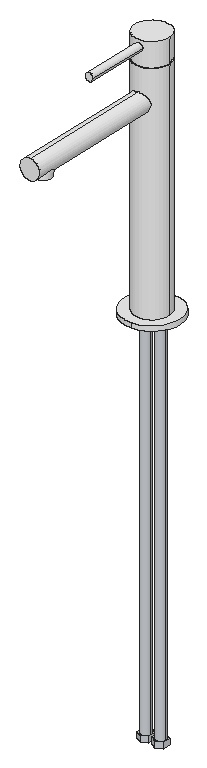
Revit family "BasinMixer-(Bowl)-Vitra-OriginSeries-A42557", category Plumbing Fixtures, host Face, Revit 2017
Family settings
  Host = Face
  Round Connector Dimension = Use Diameter
  Part Type = Normal
  OmniClass Number = 23.45.55.17
  OmniClass Title = Mixing Faucets
  Cut with Voids When Loaded = No
  Shared = Yes
  Room Calculation Point = No
Parameters (values of type "BasinMixer-Vitra-OriginSeries-Bowl(Chrome)-A42557")
  Youtube = "https://www.youtube.com/user/VitrAglobal"
  Weight Net (kg) = "2"
  Waste Connection = no
  Warranty Period (Year) = "10 Years"
  Vent Connection = no
  Uniformat II Description = "Plumbing Fixture"
  Uniformat II Code = "22 40 00"
  Uniclass 2015 Name = "Washbasin Tap"
  Uniclass 2015 Code = "Pr_40_20_87_98"
  Uniclass 2.0 Description = "Washbasin Tap"
  Uniclass 2.0 Code = "Pr_40_30_96_98"
  Uniclass 1.4 Description = "Mixer taps"
  Uniclass 1.4 Code = "L725111"
  URL = "https://vitraglobal.com/"
  UNSPSC Description = ""
  UNSPSC Code = ""
  Test Pressure = "16 bar"
  Technical description = "https://www.vitraglobal.com/pdf/A42557/"
  Tap hole Options (default) = ""
  Specification = ""
  Region South America = "All"
  Region Oceania = "All"
  Region North America = "All"
  Region Middle East = "All"
  Region Europe = "All"
  Region Asia = "All"
  Region Antarctica = "All"
  Region Africa = "All"
  Range of flow pressure = "1 - 5 bar"
  Range of Hot Water Supply = "5 - 65 °C"
  Product url = ""
  Product manual = ""
  Product group = "Origin Basin Mixer (Bowl)"
  Product family = "Origin"
  Product data url = "https://www.vitraglobal.com/taps-mixers/basin-mixers/countertop-basin-mixers/origin-tall-basin-mixer-for-bowls-sku-A42557/"
  Product certification = "https://www.vitraglobal.com/brochures/"
  Product Type = "Basin Mixer"
  Product SKU = "A42557"
  Product Properties = "Extra Water Saving, Green Building Certification, Energy Saving, Easy İnstallation"
  Product Guid = ""
  OmniClass Description = "Mixing Faucets"
  OmniClass Code = "23.45.55.17"
  Number Of Connections = "2"
  Nominal Width (mm) = 60 mm
  Nominal Height (mm) = 295 mm
  Nominal Depth (mm) = 190 mm
  NBS Referans Description = "Water supply fittings for wash basins and troughs"
  NBS Referans Code = "45-35-70/371"
  Mounting type = "Countertop"
  Model = "A42557"
  Min. flow pressure of = "0.5 bar"
  Masterformat 2014 Description = "Plumbing Fixtures"
  Masterformat 2014 Code = "22 40 00"
  Manufacturer name = "Vitra"
  Manufacturer = "Vitra"
  Main Material = "Brass"
  Installation instructions = ""
  IFC Classification = "Sanitary Terminal"
  Hot Water temperature, factory set to = "38 °C"
  Hot Water Supply (max.) = "80 °C"
  Help = ""
  HW Connection = yes
  GTIP code = ""
  Flow Rate(L/min. - 3 bar) = "5L/min."
  Features = ""
  EAN code = ""
  Design country = "Turkey"
  Description = "Origin Tall Basin Mixer for Bowls"
  Default Elevation = 850 mm
  Connection Diameter (mm) = 10 mm
  Color = "Chrome"
  Coating Material = Chrome
  Calculated flow = ""
  CW Connection = yes
  COBIe Type Category = ""
  Brand = "VitrA"
  BIMobject category = "Taps & Mixers"
  Article No. (default) = "A42557"
  Approvals = ""
  ApplicationType = ""
  Accessories (default) = ""
Types (13, lengths in mm): name | Technical description | Product url | Product data url | Product SKU | Model | Connection Diameter (mm) | Color | Coating Material | Article No. (default)
  BasinMixer-Vitra-OriginSeries-Bowl(MatteBlack)-A4255736 | "https://www.vitraglobal.com/pdf/A4255736/" | "" | "https://www.vitraglobal.com/taps-mixers/basin-mixers/countertop-basin-mixers/origin-tall-basin-mixer-for-bowls-sku-A4255736/" | "A4255736" | "A4255736" | 10 | "Matte Black" | Matte Black | "A4255736"
  BasinMixer-Vitra-OriginSeries-Bowl(Nickel)-A4255734 | "https://www.vitraglobal.com/pdf/A4255734/" | "" | "https://www.vitraglobal.com/taps-mixers/basin-mixers/countertop-basin-mixers/origin-tall-basin-mixer-for-bowls-sku-A4255734/" | "A4255734" | "A4255734" | 10 | "Nickel" | Nickel | "A4255734"
  BasinMixer-Vitra-OriginSeries-Bowl(BrightCopper)-A4255726 | "https://www.vitraglobal.com/pdf/A4255726/" | "" | "https://www.vitraglobal.com/taps-mixers/basin-mixers/countertop-basin-mixers/origin-tall-basin-mixer-for-bowls-sku-A4255726/" | "A4255726" | "A4255726" | 10 | "Bright Copper" | BrightCopper | "A4255726"
  BasinMixer-Vitra-OriginSeries-Bowl(Chrome)-A42557 | "https://www.vitraglobal.com/pdf/A42557/" | "" | "https://www.vitraglobal.com/taps-mixers/basin-mixers/countertop-basin-mixers/origin-tall-basin-mixer-for-bowls-sku-A42557/" | "A42557" | "A42557" | 10 | "Chrome" | Chrome | "A42557"
  BasinMixer-Vitra-OriginSeries-Bowl(Chrome)-A42557EXP | "https://www.vitraglobal.com/pdf/A42557/" | "https://www.vitraglobal.com/taps-mixers/basin-mixers/countertop-basin-mixers/origin-tall-basin-mixer-for-bowls-sku-A42557/" | "" | "A42557EXP" | "A42557EXP" | 10 | "Chrome" | Chrome | "A42557EXP"
  BasinMixer-Vitra-OriginSeries-Bowl(Chrome)-A42557IND | "https://www.vitra-india.com/pdf/A42557IND/" | "https://www.vitra-india.com/taps-mixers/basin-mixers/countertop-basin-mixers/origin-tall-basin-mixer-for-bowls-sku-A42557IND/" | "" | "A42557IND" | "A42557IND" | 15 | "Chrome" | Chrome | "A42557IND"
  BasinMixer-Vitra-OriginSeries-Bowl(Chrome)-A42557VUK | "https://www.vitra.co.uk/pdf/A42557/" | "https://www.vitra.co.uk/taps-mixers/basin-mixers/countertop-basin-mixers/origin-tall-basin-mixer-for-bowls-sku-A42557/" | "" | "A42557VUK" | "A42557VUK" | 15 | "Chrome" | Chrome | "A42557VUK"
  BasinMixer-Vitra-OriginSeries-Bowl(BrightCopper)-A4255726IND | "https://www.vitra-india.com/taps-mixers/basin-mixers/countertop-basin-mixers/origin-tall-basin-mixer-for-bowls-sku-A4255726IND/" | "https://www.vitra-india.com/taps-mixers/basin-mixers/countertop-basin-mixers/origin-tall-basin-mixer-for-bowls-sku-A4255726IND/" | "" | "A4255726IND" | "A4255726IND" | 15 | "Bright Copper" | BrightCopper | "A4255726IND"
  BasinMixer-Vitra-OriginSeries-Bowl(BrightCopper)-A4255726VUK | "https://www.vitra.co.uk/pdf/A4255726/" | "https://www.vitra.co.uk/taps-mixers/basin-mixers/countertop-basin-mixers/origin-tall-basin-mixer-for-bowls-sku-A4255726/" | "" | "A4255726VUK" | "A4255726VUK" | 15 | "Bright Copper" | BrightCopper | "A4255726VUK"
  BasinMixer-Vitra-OriginSeries-Bowl(Nickel)-A4255734IND | "https://www.vitra-india.com/taps-mixers/basin-mixers/countertop-basin-mixers/origin-tall-basin-mixer-for-bowls-sku-A4255734IND/" | "https://www.vitra-india.com/taps-mixers/basin-mixers/countertop-basin-mixers/origin-tall-basin-mixer-for-bowls-sku-A4255734IND/" | "" | "A4255734IND" | "A4255734IND" | 15 | "Nickel" | Nickel | "A4255734IND"
  BasinMixer-Vitra-OriginSeries-Bowl(Nickel)-A4255734VUK | "https://www.vitra.co.uk/pdf/A4255734/" | "https://www.vitra.co.uk/taps-mixers/basin-mixers/countertop-basin-mixers/origin-tall-basin-mixer-for-bowls-sku-A4255734/" | "" | "A4255734VUK" | "A4255734VUK" | 15 | "Brushed Nickel" | Nickel | "A4255734VUK"
  BasinMixer-Vitra-OriginSeries-Bowl(MatteBlack)-A4255736IND | "https://www.vitra-india.com/taps-mixers/basin-mixers/countertop-basin-mixers/origin-tall-basin-mixer-for-bowls-sku-A4255736IND/" | "https://www.vitra-india.com/taps-mixers/basin-mixers/countertop-basin-mixers/origin-tall-basin-mixer-for-bowls-sku-A4255736IND/" | "" | "A4255736IND" | "A4255736IND" | 15 | "Matte Black" | Matte Black | "A4255736IND"
  BasinMixer-Vitra-OriginSeries-Bowl(MatteBlack)-A4255736VUK | "https://www.vitra.co.uk/pdf/A4255736/" | "https://www.vitra.co.uk/taps-mixers/basin-mixers/countertop-basin-mixers/origin-tall-basin-mixer-for-bowls-sku-A4255736/" | "" | "A4255736VUK" | "A4255736VUK" | 15 | "Matte Black" | Matte Black | "A4255736VUK"
Reference planes
  plane 1 "Center (Front/Back)": y = 0
  plane 2: z = 0
  plane 3 "Center (Left/Right)": x = 0
  plane 4: y = 29
  plane 5: y = -161
  plane 6: x = 28.943
  plane 7: x = -31.057
  plane 8: z = 295
Forms (mm)
  Extrusion 1, solid
    sketch origin (-205, 75, 210) x (1, 0, 0) y (0, 1, 0)
      loop
        circle (213.725, -74.46) r 5
    from -210 to -605
  Extrusion 2, solid
    sketch origin (-220.625, 75, 210) x (1, 0, 0) y (0, 1, 0)
      loop
        circle (213.725, -74.46) r 5
    from -210 to -605
  Extrusion 3, solid
    sketch origin (-205, 75, -395) x (0, 1, 0) y (1, 0, 0)
      loop
        line (-81.652, 213.664) -> (-78.054, 207.432) -> (-70.857, 207.432) -> (-67.259, 213.664) -> (-70.857, 219.896) -> (-78.054, 219.896) -> (-81.652, 213.664)
    from 0 to 6
  Extrusion 4, solid
    sketch origin (-220.625, 75, -395) x (0, 1, 0) y (1, 0, 0)
      loop
        line (-81.652, 213.664) -> (-78.054, 207.432) -> (-70.857, 207.432) -> (-67.259, 213.664) -> (-70.857, 219.896) -> (-78.054, 219.896) -> (-81.652, 213.664)
    from 0 to 6
  Extrusion 5, solid, material "Chrome" <- "Coating Material", detail levels medium+fine
    sketch origin (0, 0, 0) x (1, 0, 0) y (0, 1, 0)
      loop
        circle (0, 0) r 29
    from 0 to 5
  Extrusion 6, solid, material "Chrome" <- "Coating Material", detail levels medium+fine
    sketch origin (0, 0, 0) x (1, 0, 0) y (0, 1, 0)
      loop
        circle (0.07, -0.05) r 18
    from 0 to 240.011
  Extrusion 7, solid, material "Chrome" <- "Coating Material", detail levels medium+fine
    sketch origin (0, 0, 25.4) x (1, 0, 0) y (0, 1, 0)
      loop
        circle (0.07, -0.05) r 18
    from 216.011 to 240.011
  Extrusion 8, solid, material "Chrome" <- "Coating Material", detail levels medium+fine
    sketch origin (-10.052, -160, 206.011) x (1, 0, 0) y (0, 0, 1)
      loop
        circle (10.052, 0) r 10.25
    from 0 to -160
  Extrusion 9, solid, material "Chrome" <- "Coating Material", detail levels medium+fine
    sketch origin (0.07, -82.05, 254.867) x (1, 0, 0) y (0, 0, 1)
      loop
        circle (0, 3.543) r 4
    from 0 to -82.05
  Extrusion 10, void
    sketch origin (0, 0, 0) x (0, 1, 0) y (0, 0, 1)
      loop
        line (-1.116, 240.958) -> (25.024, 240.958) -> (25.024, 252.054) -> (-1.116, 240.958)
    from -22.24 to 22.438
  Revolve 11, solid, material "Chrome" <- "Coating Material", detail levels medium+fine
    sketch origin (0, 0, 0) x (0, 1, 0) y (0, 0, 1)
      loop
        arc (16, 240.011) -> (11.314, 251.324) -> (0, 256.011) r 16
        line (0, 256.011) -> (0, 240.011) -> (16, 240.011)
      axis (0, 240.011) -> (0, 256.011)
    angle from 0 to 360
  Extrusion 12, solid, material "Chrome" <- "Coating Material", detail levels medium+fine
    sketch origin (8.32, -145.2, 194.338) x (0, 0.990268, -0.139173) y (1, 0, 0)
      loop
        circle (0.274, -8.368) r 9.5
    from 0.482 to -11.865
  Extrusion 13, solid, detail levels coarse
    sketch origin (0, 0, 0) x (1, 0, 0) y (0, 1, 0)
      loop
        line (28.943, 29) -> (-31.057, 29) -> (-31.057, -161) -> (28.943, -161) -> (28.943, 29)
    from 0 to 295
Cuts and joins
  Extrusion 10 cuts Extrusion 7
  joined: Extrusion 5, Extrusion 6, Extrusion 7, Extrusion 8, Extrusion 9, Revolve 11, Extrusion 12
Dimensions and locks
  "Nominal Width (mm)": plane 7 to plane 6
  "Nominal Depth (mm)": plane 4 to plane 5
  "Nominal Height (mm)": plane 8 to host face
  aligned and locked: plane 2 to host face
  aligned and locked: level to host face
Automatic sketch dimensions
  host sketch curve to host sketch curve = 2438.4 mm  (x2)
  Extrusion 1 sketch curve to plane 1 "Center (Front/Back)" = 0.54 mm
  plane 3 "Center (Left/Right)" to Extrusion 1 sketch curve = 8.725 mm
  Extrusion 2 sketch curve to plane 1 "Center (Front/Back)" = 0.54 mm
  Extrusion 2 sketch curve to plane 3 "Center (Left/Right)" = 6.9 mm
  Extrusion 3 sketch curve to Extrusion 3 sketch curve = 3.598 mm  (x3)
  Extrusion 3 sketch curve to Extrusion 3 sketch curve = 7.196 mm  (x2)
  Extrusion 3 sketch curve to Extrusion 3 sketch curve = 6.232 mm  (x3)
  Extrusion 4 sketch curve to Extrusion 4 sketch curve = 3.598 mm  (x3)
  Extrusion 4 sketch curve to Extrusion 4 sketch curve = 7.196 mm  (x2)
  Extrusion 4 sketch curve to Extrusion 4 sketch curve = 6.232 mm  (x3)
  Extrusion 5 sketch curve to Extrusion 5 sketch curve = 0 mm  (x2)
  plane 1 "Center (Front/Back)" to Extrusion 5 sketch curve = 0 mm
  Extrusion 5 sketch curve to plane 3 "Center (Left/Right)" = 0 mm
  Extrusion 5 sketch curve to plane 4 = 0.057 mm
  Extrusion 5 sketch curve to plane 3 "Center (Left/Right)" = 1.821 mm
  plane 3 "Center (Left/Right)" to Extrusion 5 sketch curve = 1.821 mm
  Extrusion 6 sketch curve to Extrusion 6 sketch curve = 0 mm  (x2)
  plane 3 "Center (Left/Right)" to Extrusion 6 sketch curve = 0.07 mm
  plane 1 "Center (Front/Back)" to Extrusion 6 sketch curve = 0.05 mm
  plane 1 "Center (Front/Back)" to Extrusion 6 sketch curve = 1.18 mm
  Extrusion 6 sketch curve to plane 7 = 13.163 mm
  Extrusion 6 sketch curve to plane 1 "Center (Front/Back)" = 1.08 mm
  Extrusion 7 sketch curve to Extrusion 7 sketch curve = 0 mm  (x2)
  plane 3 "Center (Left/Right)" to Extrusion 7 sketch curve = 0.07 mm
  plane 1 "Center (Front/Back)" to Extrusion 7 sketch curve = 0.05 mm
  plane 1 "Center (Front/Back)" to Extrusion 7 sketch curve = 1.18 mm
  Extrusion 7 sketch curve to plane 7 = 13.163 mm
  Extrusion 7 sketch curve to plane 1 "Center (Front/Back)" = 1.08 mm
  Extrusion 8 sketch curve to Extrusion 8 sketch curve = 0 mm  (x2)
  Extrusion 8 sketch curve to plane 3 "Center (Left/Right)" = 0 mm
  level to Extrusion 8 sketch curve = 206.011 mm
  Extrusion 8 sketch curve to plane 3 "Center (Left/Right)" = 0.644 mm
  plane 3 "Center (Left/Right)" to Extrusion 8 sketch curve = 0.644 mm
  Extrusion 8 sketch curve to Extrusion 8 sketch curve = 10.23 mm
  Extrusion 9 sketch curve to Extrusion 9 sketch curve = 0 mm  (x2)
  plane 3 "Center (Left/Right)" to Extrusion 9 sketch curve = 0.07 mm
  level to Extrusion 9 sketch curve = 258.411 mm
  Extrusion 9 sketch curve to plane 3 "Center (Left/Right)" = 3.922 mm
  Extrusion 9 sketch curve to Extrusion 9 sketch curve = 3.992 mm
  Extrusion 9 sketch curve to Extrusion 9 sketch curve = 0.251 mm
  plane 1 "Center (Front/Back)" to Extrusion 10 sketch curve = 1.116 mm
  Extrusion 10 sketch curve to plane 4 = 3.976 mm
  level to Extrusion 10 sketch curve = 240.958 mm
  Extrusion 10 sketch curve to Extrusion 10 sketch curve = 11.096 mm
  Revolve 11 sketch curve to plane 1 "Center (Front/Back)" = 0 mm  (x2)
  Revolve 11 sketch curve to plane 4 = 13 mm
  level to Revolve 11 sketch curve = 240.011 mm
  Revolve 11 sketch curve to Revolve 11 sketch curve = 6 mm
  Revolve 11 sketch curve to Revolve 11 sketch curve = 2.31 mm
  Extrusion 12 sketch curve to Extrusion 12 sketch curve = 0 mm  (x2)
  Extrusion 12 sketch curve to plane 3 "Center (Left/Right)" = 0.048 mm
  Extrusion 12 sketch curve to Extrusion 12 sketch curve = 9.5 mm
  Extrusion 13 sketch curve to plane 4 = 0 mm
  Extrusion 13 sketch curve to plane 7 = 0 mm
  Extrusion 13 sketch curve to plane 5 = 0 mm
  Extrusion 13 sketch curve to plane 6 = 0 mm
  radius of Extrusion 1 sketch curve = 5 mm
  radius of Extrusion 2 sketch curve = 5 mm
Connectors
  piping at (8.664, 0.545, -401), diameter 10, driven by "Connection Diameter (mm)", driven by "CW Connection"
    settings: on Extrusion 3, index 1, connector inside diameter 609.6 mm, connector length 0 mm, flow factor 0, pipe flow 0.0 L/s, pressure drop 0.0 Pa, fitting loss kfactor 0, connector angle 0.00°, fixture units 0, engagement length 0 mm, angle of deflection 0.00°, flow configuration 0, flow direction 1, fitting loss method 0, system type 20, joint type 0, gender type 0, connector reference index -1, connector utility 1, adjustable connector no, is connector primary yes, connector description ""
  piping at (-6.961, 0.545, -401), diameter 10, driven by "Connection Diameter (mm)", driven by "HW Connection"
    settings: on Extrusion 4, index 2, connector inside diameter 609.6 mm, connector length 0 mm, flow factor 0, pipe flow 0.0 L/s, pressure drop 0.0 Pa, fitting loss kfactor 0, connector angle 0.00°, fixture units 0, engagement length 0 mm, angle of deflection 0.00°, flow configuration 0, flow direction 1, fitting loss method 0, system type 19, joint type 0, gender type 0, connector reference index -1, connector utility 1, adjustable connector no, is connector primary no, connector description ""
